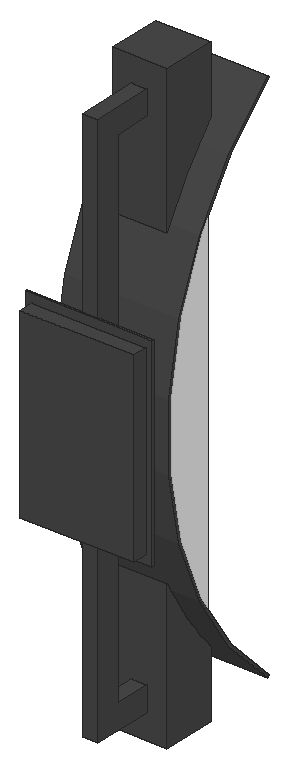
Revit family "3-772-xx - Albedo Wall Sconce", category Luminarias, Revit 2021
Family settings
  Anfitrión = Muro
  Cota de conector redondo = Diámetro de uso
  Tipo de pieza = Normal
  Número OmniClass = 23.80.70.00
  Título OmniClass = Lighting
  Siempre vertical = Sí
  Corte con vacíos al cargar = No
  Origen de luz = Sí
  Compartido = No
  Punto de cálculo de habitación = No
Parameters (values of type "3-771-15 / Black - Clear Bubble Glass")
  Ángulo de inclinación = 90.00°  # constant formula
  Elevación por defecto = 0 mm
  Comentarios de vataje = "1 x 10.41 W at 120 V"  # constant formula
  Wattage = 8.36 W
  built-in parameter 1150110 = 1 (stored number, unit not read)
  Voltage Input = "120 V or 277 V - 50/60 Hz"  # constant formula
  Voltage = 120 V
  URL = "www.oxygenlighting.com"
  built-in parameter 1114217 = 1 (stored number, unit not read)
  built-in parameter 1150109 = 1 (stored number, unit not read)
  built-in parameter 1150134 = (empty or 0)
  built-in parameter 1150113 = 1 (stored number, unit not read)
  References = "Ref. 3 = 120 V / Ref. 37 = 277 V"  # constant formula
  Modelo = "3-771-xx / Albedo Wall Sconce"  # constant formula
  Metal Finish = 15 - Black
  Fabricante = "Oxygen Lighting and Fans"  # constant formula
  Main Diffuser = Clear Bubble Glass
  Lumens = 171.38 lm
  built-in parameter 1150115 = 1 (stored number, unit not read)
  built-in parameter 1150105 = 13.638 (stored number, unit not read)
  built-in parameter 1150137 = (empty or 0)
  built-in parameter 1150139 = (empty or 0)
  built-in parameter 1150112 = 1 (stored number, unit not read)
  built-in parameter 1150114 = 1 (stored number, unit not read)
  Lámpara = "LED Array"  # constant formula
  built-in parameter 1150132 = (empty or 0)
  built-in parameter 1150102 = (empty or 0)
  built-in parameter 1150138 = (empty or 0)
  built-in parameter 1150107 = 3000 (stored number, unit not read)
  built-in parameter 1150106 = 0.13638 (stored number, unit not read)
  built-in parameter 1150104 = 1.9045 (stored number, unit not read)
  Dimming Lamp Color Temperature Shift = (empty or 0)
  Color Filter = 16777215
  built-in parameter 1114218 = 1 (stored number, unit not read)
  Archivo de red fotométrica = "3-771-15 Albedo 19 Sconce.ies"
  built-in parameter 1150133 = 10 (stored number, unit not read)
Reference planes
  plane 1: y = 0
  plane 2 "Light Source Axis (L/R)": x = 125
  plane 3 "Light Source Axis (F/R)": y = 170
  plane 4 "Light Source Elevation": z = 1800
  plane 5: y = 75
Text (mm)
  text "Placement side" at (-1787.139, 1116.779, 0), in view "Ref. Level"
  text "Placement side" at (0, 2110.396, 2986.058), in view "Left"
  text "Placement side" at (0, 628.478, 3011.967), in view "Right"
Dimensions and locks
  locked: plane 3 "Light Source Axis (F/R)" to plane 5 at 95
  aligned and locked: plane 1 to host wall
  aligned and locked: plane 2 "Light Source Axis (L/R)" to imposter light
  aligned and locked: plane 5 to host wall
  aligned and locked: nested 1 to plane 2 "Light Source Axis (L/R)"
  aligned and locked: plane 5 to nested 1
  aligned and locked: plane 4 "Light Source Elevation" to imposter light
  aligned and locked: plane 3 "Light Source Axis (F/R)" to imposter light
Nested families
  nested 1: "Family1" at (125, 75, 1800) x (-1, 0, 0) z (0, 0, 1), type "Family1"
Connectors
  electrical at (125, 75, 1800), driven by "Voltage"
    settings: on nested 1, index 1, voltage 120 V, apparent load 0 VA, apparent load phase1 0 VA, apparent load phase2 0 VA, apparent load phase3 0 VA, power factor 1, load classification "Other", number of poles 1, system type 31, power factor state 1, is connector primary yes, connector utility no, sub classification motor no, connector description ""
Definition of nested family "Family1"
  Parameters (values of type "Family1")
    Metal Finish = none
    Default Elevation = 0 mm
    Diffuser = none
  Reference planes
    plane 1 "Center (Front/Back)": y = 0
    plane 2: z = 0
    plane 3 "Center (Left/Right)": x = 0
  Forms (mm)
    Extrusion 1, solid, material <- "Metal Finish"
      sketch origin (0, 0, 0) x (0, 1, 0) y (0, 0, 1)
        loop
          line (0, 93.2) -> (-15, 93.2) -> (-15, -93.2) -> (0, -93.2) -> (0, 93.2)
      from -57.15 to 57.15
    Extrusion 2, solid, material <- "Metal Finish"
      sketch origin (0, 0, 0) x (0, 1, 0) y (0, 0, 1)
        loop
          line (-15, 101.7) -> (-17, 101.7) -> (-17, -101.7) -> (-15, -101.7) -> (-15, 101.7)
      from -63.5 to 63.5
    Extrusion 3, solid, material <- "Metal Finish"
      sketch origin (0, 0, 0) x (0, 1, 0) y (0, 0, 1)
        loop
          line (-79.05, 280.295) -> (-79.05, 255.826) -> (-42, 255.826) -> (-42, -255.694) -> (-79.05, -255.694) -> (-79.05, -280.363) -> (-17, -280.363) -> (-17, 280.295) -> (-79.05, 280.295)
      from -7.5 to 7.5
    Extrusion 4, solid, material <- "Metal Finish"
      sketch origin (0, 0, 0) x (0, 1, 0) y (0, 0, 1)
        loop
          line (-134.05, -238.224) -> (-134.05, -305.664) -> (-79.05, -305.664) -> (-79.05, -157.733)
          arc (-79.05, -157.733) -> (-103.768, -199.879) -> (-134.05, -238.224) r 354.287
        loop
          arc (-134.05, 238.224) -> (-103.768, 199.879) -> (-79.05, 157.733) r 354.287
          line (-79.05, 157.733) -> (-79.05, 305.664) -> (-134.05, 305.664) -> (-134.05, 238.224)
      from -27.5 to 27.5
    Extrusion 5, solid, material <- "Metal Finish"
      sketch origin (0, 0, 0) x (0, 1, 0) y (0, 0, 1)
        loop
          arc (-167.76, -270.729) -> (-42.001, 0) -> (-167.76, 270.729) r 354.287
          line (-167.76, 270.729) -> (-169.562, 268.927)
          arc (-169.562, 268.927) -> (-44.541, 0) -> (-169.562, -268.927) r 351.747
          line (-169.562, -268.927) -> (-167.76, -270.729)
      from -57.15 to 57.15
    Extrusion 6, solid, material <- "Diffuser"
      sketch origin (0, 0, 0) x (0, 1, 0) y (0, 0, 1)
        loop
          arc (-131.55, -231.603) -> (-104.162, -195.93) -> (-81.55, -157.055) r 351.747
          line (-81.55, -157.055) -> (-81.55, 157.055)
          arc (-81.55, 157.055) -> (-104.162, 195.93) -> (-131.55, 231.603) r 351.747
          line (-131.55, 231.603) -> (-131.55, -231.603)
      from -27.5 to 27.5
  Dimensions and locks
    aligned and locked: level to plane 2
